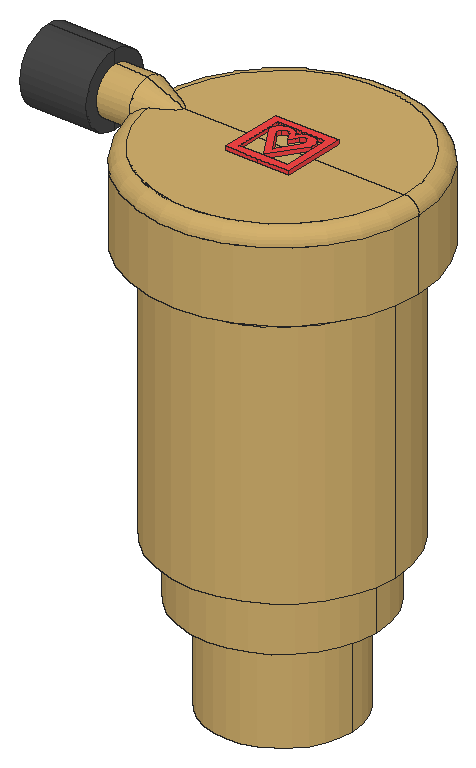
Revit family "Be- u. Entlüfter 2630 03", category Rohrzubehör, Revit 2018
Family settings
  Bemaßung runder Anschluss = Durchmesser verwenden
  Teiletyp = Normal
  OmniClass-Nummer = 23.65.55.14
  OmniClass-Titel = Valves for Liquid Services
  Arbeitsebenenbasiert = Nein
  Immer vertikal = Ja
  Beim Laden mit Abzugskörper schneiden = Nein
  Gemeinsam genutzt = Nein
Parameters
  URL = "www.herz-armaturen.at"
  Schwimmer = "Polypropylen"  # constant formula
  SCRNSEQ = "AWI;AWI_TYP=\"1013\";1"
  SCRNCODE = "05;14;01"  # constant formula
  S04 = 11.000 mm  # constant formula
  S03 = 24.500 mm  # constant formula
  S02 = 12.500 mm  # constant formula
  S01 = 59.000 mm  # constant formula
  R01 = 2.000 mm  # constant formula
  Nennweite AG [instance] = 20.000 mm  # constant formula
  Min.Betriebstemperatur = 0 °C  # constant formula
  Medium = "Heizungswasser nach ÖNORM H5195 oder VDI- Richtlinie 2035. Die Verwendung von Ethylen- oder Propyleneglykol in einem Mischungsverhältnis von 25 - 50% ist zulässig. EPDM-Dichtungen können durch Mineralöle und Schmiermittel beeinflusst werden, was zum Versagen der EPDM-Dichtungen führen kann. Bitte beachten Sie die Dokumentation des Herstellers, wenn Ethylenglykol-Produkte für den Frost- und Korrosionsschutz verwendet werden."
  Max.Strukturdruck = 1200000.0 Pa  # constant formula
  Max.Betriebstemperatur = 110 °C  # constant formula
  Max.Betriebsdruck = 800000.0 Pa  # constant formula
  L04 = L00 - L01  # 24.000 mm
  L03 = 13.500 mm  # constant formula
  L02 = 4.800 mm  # constant formula
  L01 = 9.500 mm  # constant formula
  L00 = 33.500 mm  # constant formula
  Hersteller = "Herz-Armaturen GmbH"  # constant formula
  H08 = 8.000 mm  # constant formula
  H07 = 22.000 mm  # constant formula
  H06 = 14.000 mm  # constant formula
  H05 = 59.000 mm - 1.000 mm  # 58.000 mm
  H04 = H03 - D03  # 57.900 mm
  H03 = 63.000 mm  # constant formula
  H02 = 9.500 mm  # constant formula
  H01 = 12.000 mm  # constant formula
  H00 = 71.500 mm  # constant formula
  Gehäuse = "geschmiedetes Messing nach EN 12165, CW617N"  # constant formula
  G2 [instance] = Nennweite AG / 2  # 10.000 mm
  G1 = 5.000 mm  # constant formula
  Dichtungen = "NBR"  # constant formula
  Deckel = "geschmiedetes Messing nach EN 12165, CW617N"  # constant formula
  D06 = 13.500 mm  # constant formula
  D05 = 0.800 mm  # constant formula
  D04 = 3.400 mm  # constant formula
  D03 = 5.100 mm  # constant formula
  D02 = 19.500 mm  # constant formula
  D01 = 16.200 mm  # constant formula
  Bestellnummer [instance] = if(Nennweite AG = 20.000 mm, 1263003, 0)  # 1263003
  Aussengewindeanschluss = "nach ISO 228"  # constant formula
  Anwendungsgebiet = "Der automatische Schnellentlüfter wird in Heizungs- und Kühlungssysteme zur Entlüftung der Anlage verwendet. Das Ventil sollte in der Nähe des Boilers oder am höchsten Punkt der Anlage installiert werden, um eine garantierte Entlüftung der Anlage an die Umgebung zu gewährleisten."
  Adapter = "Messing CW617N, EN 12165"  # constant formula
  Abdeckkappe = "Polypropylen, Schwarz"  # constant formula
Reference planes
  plane 1 "Mitte (Vorne/hinten)": y = 0
  plane 2: z = 0
  plane 3 "Mitte (Links/rechts)": x = 0
Forms (mm)
  Revolve 1, solid, material "Messing", detail levels fine
    sketch origin (0, 0, 0) x (1, 0, 0) y (0, 0, 1)
      loop
        line (0, -12.5) -> (0, 59) -> (-17.5, 59)
        arc (-17.5, 59) -> (-18.914, 58.414) -> (-19.5, 57) r 2
        line (-19.5, 57) -> (-19.5, 47) -> (-18.2, 47)
        arc (-18.2, 47) -> (-16.786, 46.414) -> (-16.2, 45) r 2
        line (-16.2, 45) -> (-16.2, 9.5) -> (-13.5, 9.5) -> (-13.5, 1.5) -> (-10, 1.5) -> (-10, -12.5) -> (0, -12.5)
      axis (0, 59) -> (0, -12.5)
    angle from 0 to 360
  Revolve 2, solid, material "Kunststoff - schwarz", detail levels fine
    sketch origin (0, 0, 0) x (1, 0, 0) y (0, 0, 1)
      loop
        line (-33.5, 57.9) -> (-24, 57.9) -> (-24, 63) -> (-33.5, 63) -> (-33.5, 57.9)
      axis (-33.5, 57.9) -> (-24, 57.9)
    angle from 0 to 360
  Revolve 3, solid, material "Messing", detail levels fine
    sketch origin (0, 0, 0) x (1, 0, 0) y (0, 0, 1)
      loop
        line (-24, 57.9) -> (0, 57.9) -> (0, 58.7) -> (-13.5, 58.7) -> (-19.2, 61.3) -> (-24, 61.3) -> (-24, 57.9)
      axis (-24, 57.9) -> (0, 57.9)
    angle from 0 to 360
Lines and regions (mm)
  model lines
    curve 1: line (0, 19.55, 0) -> (0, 0, 0)
  model lines, detail levels coarse+medium
    curve 2: line (0, 59, 0) -> (-11.455, 47.545, 0)
    curve 3: line (0, 59, 0) -> (11.455, 47.545, 0)
    curve 4: circle (0, 34.5, 0) r 11 normal (0, 0, 1)
    curve 5: line (0, 10, 0) -> (-11.455, 21.455, 0)
    curve 6: line (0, 10, 0) -> (11.455, 21.455, 0)
    curve 7: line (0, 59, 0) -> (0, 45.5, 0)
    curve 8: line (0, 23.5, 0) -> (0, -12.5, 0)
    curve 9: line (0, 0, 59) -> (-11.455, 0, 47.545)
    curve 10: line (0, 0, 59) -> (11.455, 0, 47.545)
    curve 11: circle (0, 0, 34.5) r 11 normal (0, -1, 0)
    curve 12: line (0, 0, 10) -> (-11.455, 0, 21.455)
    curve 13: line (0, 0, 10) -> (11.455, 0, 21.455)
    curve 14: line (0, 0, 59) -> (0, 0, 45.5)
    curve 15: line (0, 0, 23.5) -> (0, 0, -12.5)
    curve 16: line (0, 0, 59) -> (0, -11.455, 47.545)
    curve 17: line (0, 0, 59) -> (0, 11.455, 47.545)
    curve 18: circle (0, 0, 34.5) r 11 normal (1, 0, 0)
    curve 19: line (0, 0, 10) -> (0, -11.455, 21.455)
    curve 20: line (0, 0, 10) -> (0, 11.455, 21.455)
Dimensions and locks
  "D01": Revolve 1 sketch curve to Revolve 1 sketch curve
  "D02": Revolve 1 sketch curve to Revolve 1 sketch curve
  "H01": Revolve 1 sketch curve to Revolve 1 sketch curve
  "D03": Revolve 2 sketch curve to Revolve 2 sketch curve
  "L01": Revolve 2 sketch curve to Revolve 2 sketch curve
  "L00": Revolve 2 sketch curve to plane 3 "Mitte (Links/rechts)"
  "D04": Revolve 3 sketch curve to Revolve 3 sketch curve
  "L02": Revolve 3 sketch curve to Revolve 3 sketch curve
  "L03": Revolve 3 sketch curve to plane 3 "Mitte (Links/rechts)"
  "L04": Revolve 3 sketch curve to plane 3 "Mitte (Links/rechts)"
  "D05": Revolve 3 sketch curve to Revolve 3 sketch curve
  "H03": Revolve 2 sketch curve to plane 2
  "H04": Revolve 3 sketch curve to plane 2
  "H06": Revolve 1 sketch curve to Revolve 1 sketch curve
  "G2": Revolve 1 sketch curve to Revolve 1 sketch curve
  "H08": Revolve 1 sketch curve to Revolve 1 sketch curve
  "H00": Revolve 1 sketch curve to Revolve 1 sketch curve
  "S01": plane 1 "Mitte (Vorne/hinten)" to curve 7
  "S02": curve 8 to plane 1 "Mitte (Vorne/hinten)"
  "S03": curve 7 to curve 4 to curve 6
  "D01": curve 2 to curve 2
  "D01": curve 3 to curve 3
  "D01": curve 5 to curve 5
  "D01": curve 6 to curve 6
  "S01": curve 14 to plane 2
  "S02": plane 2 to curve 15
  "S03": curve 14 to curve 11 to curve 13
  "D01": curve 9 to curve 9
  "D01": curve 10 to curve 10
  "D01": curve 12 to curve 12
  "D01": curve 13 to curve 13
  "S01": curve 17 to plane 2
  "S03": curve 17 to curve 18 to curve 20
  "D01": curve 16 to curve 16
  "D01": curve 17 to curve 17
  "D01": curve 19 to curve 19
  "D01": curve 20 to curve 20
  "R01": radius of Revolve 1 sketch curve  (x2)
  "S04": radius of curve 4
  "S04": radius of curve 11
  "S04": radius of curve 18
  angle curve 2 to curve 7 = 45.00°
  angle curve 7 to curve 3 = 45.00°
  angle curve 8 to curve 5 = 45.00°
  angle curve 6 to curve 8 = 45.00°
  angle curve 9 to curve 14 = 45.00°
  angle curve 14 to curve 10 = 45.00°
  angle curve 15 to curve 12 = 45.00°
  angle curve 13 to curve 15 = 45.00°
  angle curve 16 to plane 1 "Mitte (Vorne/hinten)" = 45.00°
  angle plane 1 "Mitte (Vorne/hinten)" to curve 17 = 45.00°
  angle plane 1 "Mitte (Vorne/hinten)" to curve 19 = 45.00°
  angle curve 20 to plane 1 "Mitte (Vorne/hinten)" = 45.00°
  aligned and locked: level to plane 2
Automatic sketch dimensions
  curve 20 to plane 1 "Mitte (Vorne/hinten)" = 0.000 mm
  curve 18 to plane 1 "Mitte (Vorne/hinten)" = 0.000 mm
  curve 17 to plane 1 "Mitte (Vorne/hinten)" = 0.000 mm
  curve 10 to plane 3 "Mitte (Links/rechts)" = 0.000 mm
  curve 15 to plane 3 "Mitte (Links/rechts)" = 0.000 mm
  curve 11 to plane 3 "Mitte (Links/rechts)" = 0.000 mm
  curve 12 to plane 3 "Mitte (Links/rechts)" = 0.000 mm
  curve 2 to plane 3 "Mitte (Links/rechts)" = 0.000 mm
  plane 1 "Mitte (Vorne/hinten)" to curve 1 = 0.000 mm
  curve 1 to plane 3 "Mitte (Links/rechts)" = 0.000 mm
  curve 8 to plane 3 "Mitte (Links/rechts)" = 0.000 mm
  curve 4 to plane 3 "Mitte (Links/rechts)" = 0.000 mm
  curve 5 to plane 3 "Mitte (Links/rechts)" = 0.000 mm
  curve 1 to curve 8 = 3.950 mm
  Revolve 1 sketch curve to plane 3 "Mitte (Links/rechts)" = 0.000 mm  (x2)
  level to Revolve 1 sketch curve = 1.500 mm
  Revolve 1 sketch curve to Revolve 1 sketch curve = 3.500 mm
  Revolve 1 sketch curve to Revolve 1 sketch curve = 1987.500 mm
  Revolve 1 sketch curve to Revolve 1 sketch curve = 1937.000 mm
  Revolve 2 sketch curve to Revolve 2 sketch curve = 0.000 mm  (x3)
  Revolve 3 sketch curve to plane 3 "Mitte (Links/rechts)" = 0.000 mm
  Revolve 3 sketch curve to Revolve 3 sketch curve = 0.212 mm
  Revolve 3 sketch curve to plane 3 "Mitte (Links/rechts)" = 0.539 mm
  Revolve 3 sketch curve to Revolve 3 sketch curve = 0.000 mm
Nested families
  nested 1: "Herz-Logo" at (0, 0, 58), type "Herz-Logo", detail levels fine
Connectors
  piping at (0, 0, -12.5), diameter 20, driven by "Nennweite AG"
    settings: on Revolve 1, index 1, connector inside diameter 609.6 mm, connector length 0.000 mm, flow factor 0, pipe flow 0.0 L/s, pressure drop 0.0 Pa, fitting loss kfactor 0, connector angle 0.00°, fixture units 0, engagement length 0.000 mm, angle of deflection 0.00°, flow configuration 0, flow direction 1, fitting loss method 0, system type 29, joint type 0, gender type 0, connector reference index -1, connector utility 0, adjustable connector no, is connector primary yes, connector description ""
Definition of nested family "Herz-Logo"
  Reference planes
    plane 1 "Mitte (Vorne/hinten)": y = 0
    plane 2: z = 0
    plane 3 "Mitte (Links/rechts)": x = 0
  Forms (mm)
    Extrusion 1, solid
      sketch origin (0, 0, 0) x (1, 0, 0) y (0, 1, 0)
        loop
          line (-0.018, -4.517) -> (4.482, -4.517) -> (4.482, 4.483) -> (-4.518, 4.483) -> (-4.518, -4.517) -> (-0.018, -4.517)
        loop
          line (-0.05, -3.48) -> (3.482, -3.48) -> (3.482, 3.483) -> (-3.518, 3.483) -> (-3.518, -3.48) -> (-0.05, -3.48)
        loop
          arc (-0.018, 2.383) -> (-1.543, 3.287) -> (-3.067, 2.383) r 1.738
          arc (-3.067, 2.383) -> (-3.191, 1.899) -> (-3.067, 1.415) r 1.009
          line (-3.067, 1.415) -> (-0.018, -3.281) -> (3.032, 1.415)
          arc (3.032, 1.415) -> (3.156, 1.899) -> (3.032, 2.383) r 1.009
          arc (3.032, 2.383) -> (1.507, 3.287) -> (-0.018, 2.383) r 1.738
        loop
          arc (1.885, 1.272) -> (2.005, 1.675) -> (1.885, 2.079) r 0.74
          arc (1.885, 2.079) -> (1.265, 2.416) -> (0.644, 2.079) r 0.74
          line (0.644, 2.079) -> (-0.018, 0.97) -> (-0.679, 2.079)
          arc (-0.679, 2.079) -> (-1.3, 2.416) -> (-1.921, 2.079) r 0.74
          arc (-1.921, 2.079) -> (-2.04, 1.675) -> (-1.921, 1.272) r 0.74
          line (-1.921, 1.272) -> (-0.018, -1.658) -> (1.885, 1.272)
      from 0 to 1.5
  Dimensions and locks
    aligned and locked: level to plane 2
